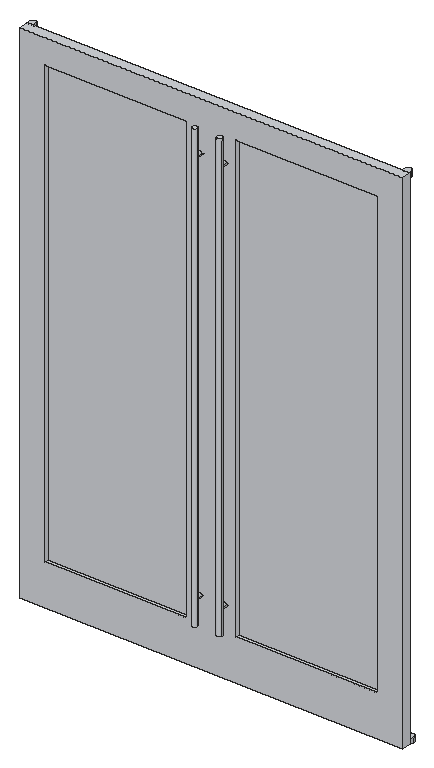
Revit family "DOOR_Double Glass_Stile & Rail_Curtain Wall", category Doors, Revit 2024
Family settings
  Always vertical = Yes
  Cut with Voids When Loaded = No
  Shared = No
  Room Calculation Point = No
Parameters (values of type "Default - Exterior")
  t = 28.575 mm
  o = polr + t  # 49.213 mm
  co reduction [instance] = Offset_CL Pull to CL Panel + Radius_Pull + o + polr  # 145.85 mm
  Wall Thickness [instance] = 150 mm
  Vertical Pull = yes
  Thickness = 45 mm
  Stile Width = 150 mm
  Panic Device = no
  Thickness\u001f_Panel = 12.5 mm
  Rail Material [instance] = none
  Radius_Pull = 16 mm
  Pull Material [instance] = none
  polr = 20.638 mm
  pofb = 19.05 mm
  Pivot Material [instance] = none
  Offset_OSF Door to Wall CL [instance] = 30 mm
  Offset_FF to Top of Pull [instance] = Door Height - Stile Width  # 2948.8 mm
  Offset_FF to Bottom of Panic Pull = 1050 mm
  Offset_FF to Bottom Of Pull = 250 mm
  Offset_CL Pull to Edge of Panel = 75 mm
  Offset_CL Pull to CL Panel = 60 mm
  Offset_CL Mount to End of Pull = 150 mm
  Length_Handle [instance] = Offset_FF to Top of Pull - Offset_FF to Bottom Of Pull  # 2698.8 mm
  Panel Material [instance] = none
  Function = Exterior
  EA_Repath [instance] = 0 mm
  Double Swing Option - Right Door [instance] = yes
  Double Swing Option - Left Right [instance] = yes
  Double ADA Clearance Lines [instance] = yes
  Door Height [instance] = 3098.8 mm
  Define Thermal Properties by = Schematic Type
  Backset [instance] = 0 mm
  Assembly Code = "B2030100"
  Analytic Construction = "<None>"
  Single ADA Clearance Lines [instance] = yes
Types (2, lengths in mm): name | Wall Thickness | Function
  Default - Exterior | 150 | Exterior
  Default - Interior | 200 | Interior
Reference planes
  plane 1 "Wall Centerline": y = -0.084
  plane 2: z = 0
  plane 3: x = 446.051
  plane 4: x = -713.291
  plane 5: x = 1605.393
  plane 6: z = 3098.8
  plane 7 "Door Centerline": y = 1.341
  plane 8: z = 250
  plane 9: z = 2948.8
  plane 10: z = 101.6
  plane 11: z = 2948.8
  plane 12 "Clear Opening": x = 1459.543
  plane 13 "OSF Door": y = 29.916
  plane 14: x = -567.441
  plane 15: x = -643.441
  plane 16 "Pivot Axis (Left/Right)": y = 48.966
  plane 17 "Pivot Axis (Front/Back)": x = -692.653
  plane 18: x = 1535.543
  plane 19: x = 1584.755
  plane 20: z = 3067.05
  plane 21 "Backset": y = -0.084
  plane 22 "ISF Door": y = -27.234
  plane 23: x = -620.941
  plane 24: x = 1513.043
  plane 25: x = -665.941
  plane 26: x = 1558.043
  plane 27: x = 1455.393
  plane 28: x = -563.291
  plane 29: x = 596.051
  plane 30: x = 296.051
  plane 31: x = 521.051
  plane 32: x = 371.051
  plane 33: y = 74.916
  plane 34: y = -75.084
Forms (mm)
  Extrusion 1, solid, material <- "Panel Material"
    sketch origin (0, 0, 0) x (1, 0, 0) y (0, 1, 0)
      loop
        line (596.051, 7.591) -> (596.051, -4.909) -> (1455.393, -4.909) -> (1455.393, 7.591) -> (596.051, 7.591)
    from 250 to 2948.8
  Extrusion 2, solid, material <- "Panel Material"
    sketch origin (495.246, 0, 0) x (-1, 0, 0) y (0, -1, 0)
      loop
        line (199.195, -7.591) -> (1058.537, -7.591) -> (1058.537, 4.909) -> (199.195, 4.909) -> (199.195, -7.591)
    from 250 to 2948.8
  Extrusion 3, solid, material <- "Pivot Material"
    sketch origin (-854.071, -206.538, 0) x (0, -1, 0) y (1, 0, 0)
      loop
        line (-234.867, 136.505) -> (-234.867, 193.926) -> (-261.203, 185.671)
        arc (-261.203, 185.671) -> (-280.253, 158.55) -> (-255.505, 136.505) r 24.913
        line (-255.505, 136.505) -> (-234.867, 136.505)
    from 0 to 28.575
  Extrusion 4, solid, material <- "Pivot Material"
    sketch origin (1613.977, -206.538, 0) x (0, -1, 0) y (1, 0, 0)
      loop
        line (-234.867, -4.309) -> (-255.505, -4.309)
        arc (-255.505, -4.309) -> (-280.253, -26.354) -> (-261.203, -53.475) r 24.913
        line (-261.203, -53.475) -> (-234.867, -61.73) -> (-234.867, -4.309)
    from 0 to 28.575
  Extrusion 5, solid, material <- "Pivot Material"
    sketch origin (-854.071, -206.538, 2924.175) x (-1, 0, 0) y (0, -1, 0)
      loop
        line (-136.018, -234.867) -> (-181.226, -234.867) -> (-173.246, -261.203)
        arc (-173.246, -261.203) -> (-152.186, -274.336) -> (-136.018, -255.505) r 19.05
        line (-136.018, -255.505) -> (-136.018, -234.867)
    from 142.875 to 174.625
  Extrusion 6, solid, material <- "Pivot Material"
    sketch origin (1613.977, -206.538, 2924.175) x (-1, 0, 0) y (0, -1, 0)
      loop
        line (16.522, -234.867) -> (16.522, -255.505)
        arc (16.522, -255.505) -> (32.266, -274.266) -> (53.475, -262.016) r 19.05
        line (53.475, -262.016) -> (61.73, -234.867) -> (16.522, -234.867)
    from 142.875 to 174.625
  Extrusion 7, solid
    sketch origin (0, 1.341, 0) x (1, 0, 0) y (0, 0, 1)
      loop
        line (1605.393, 3098.8) -> (-713.291, 3098.8) -> (-713.291, 0) -> (1605.393, 0) -> (1605.393, 3098.8)
      loop
        line (1455.393, 2948.8) -> (596.051, 2948.8) -> (596.051, 250) -> (1455.393, 250) -> (1455.393, 2948.8)
      loop
        line (296.051, 2948.8) -> (-563.291, 2948.8) -> (-563.291, 250) -> (296.051, 250) -> (296.051, 2948.8)
    from -28.575 to 28.575
Lines and regions (mm)
  symbolic lines, style "Elevation Swing"
    curve 1: line (1605.393, 0, 1549.4) -> (446.051, 0, 3098.8)
    curve 9: line (1605.393, 0, 1549.4) -> (446.051, 0, 0)
    curve 10: line (-713.291, 0, 1549.4) -> (446.051, 0, 3098.8)
    curve 11: line (-713.291, 0, 1549.4) -> (446.051, 0, 0)
  symbolic lines, style "Plan Swing"
    curve 2: line (-620.941, 29.916, 0) -> (-665.941, 29.916, 0)
    curve 3: circle (-692.653, 48.966, 0) r 19.05 normal (0, 0, 1)
    curve 4: circle (1584.755, 48.966, 0) r 19.05 normal (0, 0, -1)
    curve 5: line (1584.755, 68.016, 0) -> (1584.755, 29.916, 0)
    curve 6: line (1565.705, 48.966, 0) -> (1603.805, 48.966, 0)
    curve 7: line (-692.653, 68.016, 0) -> (-692.653, 29.916, 0)
    curve 8: line (-711.703, 48.966, 0) -> (-673.603, 48.966, 0)
    curve 12: arc (446.051, 29.916, 0) -> (126.946, 800.303, 0) -> (-643.441, 1119.408, 0) r 1089.492
    curve 17: line (-620.941, 29.916, 0) -> (-665.941, 29.916, 0)
    curve 21: line (-665.941, 179.916, 0) -> (-665.941, 969.408, 0)
    curve 22: line (-620.941, 179.916, 0) -> (-620.941, 969.408, 0)
    curve 23: arc (446.051, 29.916, 0) -> (765.156, 800.303, 0) -> (1535.543, 1119.408, 0) r 1089.492
    curve 32: line (1529.293, 969.408, 0) -> (1529.293, 179.916, 0)
    curve 33: line (1541.793, 969.408, 0) -> (1541.793, 179.916, 0)
    curve 34: line (1513.043, 969.408, 0) -> (1513.043, 179.916, 0)
    curve 35: line (1558.043, 969.408, 0) -> (1558.043, 179.916, 0)
    curve 37: circle (-583.441, 1044.408, 0) r 16 normal (0, 0, 1)
    curve 38: circle (-703.441, 1044.408, 0) r 16 normal (0, 0, -1)
    curve 39: line (-637.191, 179.916, 0) -> (-637.191, 969.408, 0)
    curve 40: line (-649.691, 969.408, 0) -> (-649.691, 179.916, 0)
    curve 41: circle (1595.543, 1044.408, 0) r 16 normal (0, 0, 1)
    curve 42: circle (1475.543, 1044.408, 0) r 16 normal (0, 0, -1)
  symbolic lines, style "DoorsFrameMullionProjection"
    curve 13: line (-665.941, 1119.408, 0) -> (-620.941, 1119.408, 0)
    curve 14: line (-665.941, 969.408, 0) -> (-665.941, 1119.408, 0)
    curve 15: line (-620.941, 969.408, 0) -> (-665.941, 969.408, 0)
    curve 16: line (-620.941, 1119.408, 0) -> (-620.941, 969.408, 0)
    curve 18: line (-665.941, 179.916, 0) -> (-620.941, 179.916, 0)
    curve 19: line (-665.941, 29.916, 0) -> (-665.941, 179.916, 0)
    curve 20: line (-620.941, 179.916, 0) -> (-620.941, 29.916, 0)
    curve 24: line (1513.043, 1119.408, 0) -> (1558.043, 1119.408, 0)
    curve 25: line (1513.043, 969.408, 0) -> (1513.043, 1119.408, 0)
    curve 26: line (1558.043, 969.408, 0) -> (1513.043, 969.408, 0)
    curve 27: line (1558.043, 1119.408, 0) -> (1558.043, 969.408, 0)
    curve 28: line (1513.043, 179.916, 0) -> (1558.043, 179.916, 0)
    curve 29: line (1513.043, 29.916, 0) -> (1513.043, 179.916, 0)
    curve 30: line (1558.043, 29.916, 0) -> (1513.043, 29.916, 0)
    curve 31: line (1558.043, 179.916, 0) -> (1558.043, 29.916, 0)
    curve 36: line (-620.941, 29.916, 0) -> (-665.941, 29.916, 0)
  model lines, style "Doors"
    curve 43: line (443.651, 29.916, 3098.8) -> (443.651, 29.916, 0)
  model lines, style "DoorsPanelProjection"
    curve 44: line (443.651, -27.234, 3098.8) -> (443.651, -27.234, 0)
  symbolic lines, style "ADA Clearance Lines", visible <- "Single ADA Clearance Lines"
    curve 45: line (-620.941, 1598.916, 0) -> (1513.043, 1598.916, 0)
    curve 46: line (-620.941, -1294.284, 0) -> (-620.941, 1598.916, 0)
    curve 47: line (1513.043, -1294.284, 0) -> (-620.941, -1294.284, 0)
    curve 48: line (1513.043, 1598.916, 0) -> (1513.043, -1294.284, 0)
  symbolic lines, style "ADA Clearance Lines", visible <- "Double ADA Clearance Lines"
    curve 49: line (-620.941, 1598.916, 0) -> (1513.043, 1598.916, 0)
    curve 50: line (-620.941, -1599.084, 0) -> (-620.941, 1598.916, 0)
    curve 51: line (1513.043, -1599.084, 0) -> (-620.941, -1599.084, 0)
    curve 52: line (1513.043, 1598.916, 0) -> (1513.043, -1599.084, 0)
  symbolic lines, style "Plan Swing", visible <- "Double Swing Option - Right Door"
    curve 53: line (-620.941, 29.916, 0) -> (-665.941, 29.916, 0)
    curve 54: arc (446.051, 29.916, 0) -> (126.946, -740.471, 0) -> (-643.441, -1059.575, 0) r 1089.492
    curve 59: line (-620.941, 29.916, 0) -> (-665.941, 29.916, 0)
    curve 63: line (-665.941, -122.709, 0) -> (-665.941, -909.575, 0)
    curve 64: line (-620.941, -122.709, 0) -> (-620.941, -909.575, 0)
    curve 66: circle (-583.441, -984.575, 0) r 16 normal (0, 0, -1)
    curve 67: circle (-703.441, -984.575, 0) r 16 normal (0, 0, 1)
    curve 68: line (-637.191, -122.709, 0) -> (-637.191, -909.575, 0)
    curve 69: line (-649.691, -909.575, 0) -> (-649.691, -122.709, 0)
  symbolic lines, style "DoorsFrameMullionProjection", visible <- "Double Swing Option - Right Door"
    curve 55: line (-665.941, -1059.575, 0) -> (-620.941, -1059.575, 0)
    curve 56: line (-665.941, -909.575, 0) -> (-665.941, -1059.575, 0)
    curve 57: line (-620.941, -909.575, 0) -> (-665.941, -909.575, 0)
    curve 58: line (-620.941, -1059.575, 0) -> (-620.941, -909.575, 0)
    curve 60: line (-665.941, -122.709, 0) -> (-620.941, -122.709, 0)
    curve 61: line (-665.941, 29.916, 0) -> (-665.941, -122.709, 0)
    curve 62: line (-620.941, -122.709, 0) -> (-620.941, 29.916, 0)
    curve 65: line (-620.941, 29.916, 0) -> (-665.941, 29.916, 0)
  symbolic lines, style "Plan Swing", visible <- "Double Swing Option - Left Right"
    curve 70: arc (446.051, 29.916, 0) -> (765.156, -740.471, 0) -> (1535.543, -1059.575, 0) r 1089.492
    curve 78: line (1529.293, -909.575, 0) -> (1529.293, -122.709, 0)
    curve 79: line (1541.793, -909.575, 0) -> (1541.793, -122.709, 0)
    curve 80: line (1513.043, -909.575, 0) -> (1513.043, -122.709, 0)
    curve 81: line (1558.043, -909.575, 0) -> (1558.043, -122.709, 0)
    curve 82: circle (1595.543, -984.575, 0) r 16 normal (0, 0, -1)
    curve 83: circle (1475.543, -984.575, 0) r 16 normal (0, 0, 1)
  symbolic lines, style "DoorsFrameMullionProjection", visible <- "Double Swing Option - Left Right"
    curve 71: line (1513.043, -1059.575, 0) -> (1558.043, -1059.575, 0)
    curve 72: line (1513.043, -909.575, 0) -> (1513.043, -1059.575, 0)
    curve 73: line (1558.043, -909.575, 0) -> (1513.043, -909.575, 0)
    curve 74: line (1558.043, -1059.575, 0) -> (1558.043, -909.575, 0)
    curve 75: line (1513.043, -122.709, 0) -> (1558.043, -122.709, 0)
    curve 76: line (1513.043, 29.916, 0) -> (1513.043, -122.709, 0)
    curve 77: line (1558.043, -122.709, 0) -> (1558.043, 29.916, 0)
Text (mm)
  text "Exterior" at (-1298.825, 456.976, 0), in view "Base Line"
Dimensions and locks
  equal spacing: plane 4, plane 3, plane 5
  plane 2 to plane 6 = 3098.8 mm
  "Offset_FF to Bottom Of Pull": plane 8 to plane 2
  locked: plane 10 to plane 2 at 101.6
  "Offset_FF to Top of Pull": plane 11 to plane 2
  equal spacing: Extrusion 1 sketch curve, plane 7 "Door Centerline", Extrusion 1 sketch curve
  "Thickness\u001f_Panel": Extrusion 1 sketch curve to Extrusion 1 sketch curve
  "t": plane 7 "Door Centerline" to plane 13 "OSF Door"
  "Offset_OSF Door to Wall CL": plane 13 "OSF Door" to plane 21 "Backset"
  "Offset_CL Pull to Edge of Panel": plane 3 to nested 1
  "Offset_CL Pull to Edge of Panel": plane 3 to nested 2
  equal spacing: Extrusion 2 sketch curve, plane 7 "Door Centerline", Extrusion 2 sketch curve
  "Thickness\u001f_Panel": Extrusion 2 sketch curve to Extrusion 2 sketch curve
  "Offset_CL Pull to Edge of Panel": plane 3 to nested 3
  "Offset_CL Pull to Edge of Panel": plane 3 to nested 4
  "pofb": plane 16 "Pivot Axis (Left/Right)" to plane 13 "OSF Door"
  "polr": plane 4 to plane 17 "Pivot Axis (Front/Back)"
  "o": plane 17 "Pivot Axis (Front/Back)" to plane 15
  plane 16 "Pivot Axis (Left/Right)" to plane 13 "OSF Door" = 19.05 mm
  "polr": plane 5 to plane 19
  "o": plane 19 to plane 18
  "co reduction": plane 4 to plane 14
  "co reduction": plane 12 "Clear Opening" to plane 5
  locked: plane 20 to plane 6 at 31.75
  equal spacing: plane 2, curve 9, plane 6
  equal spacing: plane 2, curve 11, plane 6
  "Backset": plane 21 "Backset" to plane 1 "Wall Centerline"
  locked: plane 13 "OSF Door" to plane 22 "ISF Door" at 57.15
  "Thickness": plane 25 to plane 23
  equal spacing: plane 25, plane 15, plane 23
  equal spacing: plane 24, plane 18, plane 26
  "Thickness": plane 24 to plane 26
  "Stile Width": plane 9 to plane 6
  "Stile Width": plane 4 to plane 28
  "Stile Width": plane 27 to plane 5
  "Stile Width": plane 3 to plane 30
  "Stile Width": plane 29 to plane 3
  "Offset_CL Pull to Edge of Panel": plane 3 to plane 32
  "Offset_CL Pull to Edge of Panel": plane 31 to plane 3
  "Stile Width": curve 15 to curve 13
  "Stile Width": curve 18 to plane 13 "OSF Door"
  "Thickness\u001f_Panel": curve 40 to curve 39
  equal spacing: curve 40, plane 15, curve 39
  "Offset_CL Pull to Edge of Panel": curve 37 to curve 13
  "Offset_CL Pull to CL Panel": plane 15 to curve 37
  "Offset_CL Pull to Edge of Panel": curve 38 to curve 13
  "Offset_CL Pull to CL Panel": plane 15 to curve 38
  "Stile Width": curve 26 to curve 24
  "Stile Width": curve 28 to plane 13 "OSF Door"
  "Thickness\u001f_Panel": curve 32 to curve 33
  equal spacing: curve 32, plane 18, curve 33
  "Offset_CL Pull to CL Panel": plane 18 to curve 41
  "Offset_CL Pull to CL Panel": curve 42 to plane 18
  "Offset_CL Pull to Edge of Panel": curve 41 to curve 24
  "Offset_CL Pull to Edge of Panel": curve 42 to curve 24
  plane 23 to plane 24 = 2133.983 mm
  "Door Height": plane 2 to plane 6
  equal spacing: plane 33, plane 21 "Backset", plane 34
  "Wall Thickness": plane 34 to plane 33
  curve 47 to plane 34 = 1219.2 mm
  curve 45 to plane 33 = 1524 mm
  curve 49 to plane 33 = 1524 mm
  curve 51 to plane 34 = 1524 mm
  "Stile Width": curve 57 to curve 55
  "Thickness\u001f_Panel": curve 69 to curve 68
  equal spacing: curve 69, plane 15, curve 68
  "Offset_CL Pull to Edge of Panel": curve 66 to curve 55
  "Offset_CL Pull to CL Panel": plane 15 to curve 66
  "Offset_CL Pull to Edge of Panel": curve 67 to curve 55
  "Offset_CL Pull to CL Panel": plane 15 to curve 67
  "Stile Width": curve 73 to curve 71
  "Thickness\u001f_Panel": curve 78 to curve 79
  equal spacing: curve 78, plane 18, curve 79
  "Offset_CL Pull to CL Panel": plane 18 to curve 82
  "Offset_CL Pull to CL Panel": curve 83 to plane 18
  "Offset_CL Pull to Edge of Panel": curve 82 to curve 71
  "Offset_CL Pull to Edge of Panel": curve 83 to curve 71
  "Radius_Pull": radius of curve 37
  "Radius_Pull": radius of curve 38
  "Radius_Pull": radius of curve 41
  "Radius_Pull": radius of curve 42
  "Radius_Pull": radius of curve 66
  "Radius_Pull": radius of curve 67
  "Radius_Pull": radius of curve 82
  "Radius_Pull": radius of curve 83
  aligned and locked: level to plane 2
  aligned and locked: plane 7 "Door Centerline" to nested 1
  aligned and locked: plane 7 "Door Centerline" to nested 2
  aligned and locked: nested 4 to plane 7 "Door Centerline"
  aligned and locked: nested 3 to plane 7 "Door Centerline"
  aligned and locked: Extrusion 6 to plane 20
  aligned and locked: Extrusion 5 to plane 20
  aligned and locked: plane 6 to Extrusion 6
  aligned and locked: Extrusion 5 to plane 6
  aligned and locked: plane 6 to curve 1
  aligned and locked: plane 2 to Extrusion 7 sketch curve
  aligned and locked: Extrusion 7 sketch curve to plane 6
  aligned and locked: Extrusion 7 sketch curve to plane 4
  aligned and locked: plane 5 to Extrusion 7 sketch curve
  aligned and locked: Extrusion 7 sketch curve to plane 8  (x2)
  aligned and locked: plane 30 to Extrusion 7 sketch curve
  aligned and locked: Extrusion 7 sketch curve to plane 29
  aligned and locked: plane 27 to Extrusion 7 sketch curve
  aligned and locked: Extrusion 7 sketch curve to plane 28
  aligned and locked: plane 9 to Extrusion 7 sketch curve  (x2)
  aligned and locked: plane 13 "OSF Door" to Extrusion 7
  aligned and locked: Extrusion 7 to plane 22 "ISF Door"
  aligned and locked: Extrusion 1 to Extrusion 7
  aligned and locked: Extrusion 2 to Extrusion 7
  aligned and locked: plane 8 to Extrusion 1
  aligned and locked: plane 8 to Extrusion 2
  aligned and locked: Extrusion 1 to plane 9
  aligned and locked: Extrusion 2 to plane 9
  aligned and locked: plane 15 to curve 12
  aligned and locked: plane 13 "OSF Door" to curve 23
  aligned and locked: plane 18 to curve 23
  aligned and locked: curve 31 to plane 26
  aligned and locked: plane 24 to curve 29
  aligned and locked: plane 13 "OSF Door" to curve 30
  aligned and locked: curve 43 to Extrusion 7
  aligned and locked: plane 2 to curve 43
  aligned and locked: plane 6 to curve 44
  aligned and locked: plane 2 to curve 44
  aligned and locked: curve 50 to plane 23
  aligned and locked: curve 52 to plane 24
  aligned and locked: curve 54 to plane 15
  aligned and locked: plane 18 to curve 70
Automatic sketch dimensions
  curve 11 to level = 0 mm
  plane 4 to curve 11 = 0 mm
  curve 9 to plane 3 = 0 mm
  curve 1 to plane 3 = 0 mm
  plane 5 to curve 9 = 0 mm
  Extrusion 1 sketch curve to plane 29 = 0 mm
  Extrusion 1 sketch curve to plane 27 = 0 mm
  curve 8 to plane 16 "Pivot Axis (Left/Right)" = 0 mm
  curve 7 to plane 13 "OSF Door" = 0 mm
  curve 7 to plane 17 "Pivot Axis (Front/Back)" = 0 mm
  curve 3 to plane 16 "Pivot Axis (Left/Right)" = 0 mm
  curve 3 to plane 17 "Pivot Axis (Front/Back)" = 0 mm
  curve 2 to plane 13 "OSF Door" = 0 mm
  curve 2 to plane 25 = 0 mm
  curve 18 to plane 23 = 0 mm
  curve 12 to plane 3 = 0 mm
  curve 70 to plane 3 = 0 mm
  plane 16 "Pivot Axis (Left/Right)" to curve 6 = 0 mm
  curve 5 to plane 19 = 0 mm
  plane 16 "Pivot Axis (Left/Right)" to curve 4 = 0 mm
  curve 4 to plane 19 = 0 mm
  curve 5 to plane 13 "OSF Door" = 0 mm
  plane 34 to curve 81 = 47.625 mm
  plane 34 to curve 64 = 47.625 mm
  Extrusion 2 sketch curve to plane 30 = 0 mm
  Extrusion 2 sketch curve to plane 28 = 0 mm
  Extrusion 3 sketch curve to plane 16 "Pivot Axis (Left/Right)" = 0 mm
  Extrusion 3 sketch curve to plane 17 "Pivot Axis (Front/Back)" = 0 mm
  Extrusion 3 sketch curve to plane 25 = 2.46 mm
  plane 16 "Pivot Axis (Left/Right)" to Extrusion 3 sketch curve = 5.698 mm
  Extrusion 3 sketch curve to plane 13 "OSF Door" = 1.588 mm
  plane 25 to Extrusion 3 sketch curve = 5.796 mm
  plane 16 "Pivot Axis (Left/Right)" to Extrusion 4 sketch curve = 0 mm
  Extrusion 4 sketch curve to plane 19 = 0 mm
  Extrusion 4 sketch curve to plane 26 = 2.46 mm
  Extrusion 4 sketch curve to plane 16 "Pivot Axis (Left/Right)" = 5.698 mm
  plane 13 "OSF Door" to Extrusion 4 sketch curve = 1.588 mm
  plane 26 to Extrusion 4 sketch curve = 5.796 mm
  Extrusion 5 sketch curve to plane 16 "Pivot Axis (Left/Right)" = 0 mm
  Extrusion 5 sketch curve to plane 13 "OSF Door" = 1.588 mm
  Extrusion 5 sketch curve to plane 25 = 6.904 mm
  plane 17 "Pivot Axis (Front/Back)" to Extrusion 5 sketch curve = 11.828 mm
  Extrusion 5 sketch curve to plane 4 = 14.287 mm
  plane 4 to Extrusion 5 sketch curve = 4.763 mm
  plane 16 "Pivot Axis (Left/Right)" to Extrusion 6 sketch curve = 0 mm
  Extrusion 6 sketch curve to plane 13 "OSF Door" = 1.588 mm
  plane 5 to Extrusion 6 sketch curve = 7.938 mm
  plane 19 to Extrusion 6 sketch curve = 6.35 mm
  plane 26 to Extrusion 6 sketch curve = 2.46 mm
  Extrusion 6 sketch curve to plane 26 = 5.796 mm
  curve 44 to Extrusion 7 = 152.4 mm
  Extrusion 7 to curve 43 = 152.4 mm
Nested families
  nested 1: "Vertical Straight Pull" at (521.051, 1.341, 0), visible <- "Vertical Pull", type "Default"
    with Radius_Pull 16 mm, Offset_FF to Top of Pull 2948.8 mm, Offset_FF to Bottom of Pull 250 mm, Offset_CL Pull to CL Panel 60 mm, Offset_CL Mount to End of Pull 150 mm
  nested 2: "Panic Device" at (653.037, 1.341, 0), visible <- "Panic Device", type "Default"
  nested 3: "Vertical Straight Pull" at (371.051, 1.341, 0) x (-1, 0, 0) z (0, 0, 1), visible <- "Vertical Pull", type "Default"
    with Radius_Pull 16 mm, Offset_FF to Top of Pull 2948.8 mm, Offset_FF to Bottom of Pull 250 mm, Offset_CL Pull to CL Panel 60 mm, Offset_CL Mount to End of Pull 150 mm
  nested 4: "Panic Device" at (239.065, 1.341, 0) x (-1, 0, 0) z (0, 0, 1), visible <- "Panic Device", type "Default"
Definition of nested family "Vertical Straight Pull"
  Parameters
    Radius_Pull = 15.875 mm
    Pull = none
    Offset_FF to Top of Pull = 1219.2 mm
    Offset_FF to Bottom of Pull = 304.8 mm
    Offset_CL Mount to End of Pull = 304.8 mm
    Offset_CL Pull to CL Panel = 76.2 mm
    Default Elevation = 0 mm
    Assembly Code = ""
  Reference planes
    plane 1 "Center (Front/Back)": y = 0
    plane 2: z = 0
    plane 3 "Center (Left/Right)": x = 0
    plane 4: y = 76.2
    plane 5: y = -76.2
    plane 6: z = 609.6
    plane 7: z = 914.4
    plane 8: z = 1219.2
    plane 9: z = 304.8
  Forms (mm)
    Extrusion 1, solid, material <- "Pull"
      sketch origin (0, 0, 0) x (1, 0, 0) y (0, 1, 0)
        loop
          circle (0, 76.2) r 15.875
        loop
          circle (0, -76.2) r 15.875
      from 304.8 to 1219.2
    Extrusion 2, solid
      sketch origin (0, 0, 0) x (1, 0, 0) y (0, 0, 1)
        loop
          circle (0, 914.4) r 15.875
        loop
          circle (0, 609.6) r 15.875
      from -76.2 to 76.2
  Dimensions and locks
    "Offset_CL Mount to End of Pull": plane 8 to plane 7
    "Offset_CL Mount to End of Pull": plane 6 to plane 9
    "Offset_FF to Bottom of Pull": plane 9 to plane 2
    "Offset_FF to Top of Pull": plane 8 to plane 2
    "Offset_CL Pull to CL Panel": plane 4 to plane 1 "Center (Front/Back)"
    "Offset_CL Pull to CL Panel": plane 5 to plane 1 "Center (Front/Back)"
    "Offset_CL Pull to CL Panel": plane 1 "Center (Front/Back)" to Extrusion 2
    "Offset_CL Pull to CL Panel": Extrusion 2 to plane 1 "Center (Front/Back)"
    "Radius_Pull": radius of Extrusion 1 sketch curve  (x2)
    "Radius_Pull": radius of Extrusion 2 sketch curve  (x2)
    aligned and locked: plane 8 to Extrusion 1
    aligned and locked: Extrusion 1 to plane 9
  Automatic sketch dimensions
    Extrusion 1 sketch curve to plane 3 "Center (Left/Right)" = 0 mm  (x2)
    Extrusion 1 sketch curve to plane 5 = 0 mm
    Extrusion 1 sketch curve to plane 4 = 0 mm
    Extrusion 2 sketch curve to plane 3 "Center (Left/Right)" = 0 mm  (x2)
    Extrusion 2 sketch curve to plane 6 = 0 mm
    Extrusion 2 sketch curve to plane 7 = 0 mm
Definition of nested family "Panic Device"
  Parameters
    Radius_Pull = 19.05 mm
    Pull = none
    Offset_FF to Top of Pull = 2413 mm
    Offset_FF to Bottom of Vertical Pull = 25.4 mm
    Offset_FF to Bottom of Panic Pull = 1066.8 mm
    Offset_CL Pull to CL Panel = 69.85 mm
    Offset_CL Mount to End of Pull = 152.4 mm
    Default Elevation = 0 mm
    Assembly Code = ""
  Reference planes
    plane 1 "Center (Front/Back)": y = 0
    plane 2: z = 0
    plane 3 "Center (Left/Right)": x = -131.986
    plane 4: z = 177.8
    plane 5: z = 2260.6
    plane 6: z = 2413
    plane 7: x = 579.214
    plane 8: x = 604.614
    plane 9: x = 579.214
    plane 10: z = 25.4
    plane 11: z = 1066.8
  Forms (mm)
    Extrusion 1, solid, material <- "Pull"
      sketch origin (0, 0, 0) x (1, 0, 0) y (0, 0, 1)
        loop
          circle (-131.986, 2260.6) r 19.05
      from -69.85 to 69.85
    Sweep 2, solid, material <- "Pull"
      path origin (0, 0, 0) x (1, 0, 0) y (0, 0, 1)
        loop
          line (-131.986, 2413) -> (-131.986, 1168.4)
          arc (-131.986, 1168.4) -> (-102.228, 1096.558) -> (-30.386, 1066.8) r 101.6
          line (-30.386, 1066.8) -> (477.614, 1066.8)
      profile origin (-131.986, 0, 1790.7) x (0, -1, 0) y (1, 0, 0)
        loop
          circle (69.85, 0) r 19.05
    Sweep 3, solid, material <- "Pull"
      path origin (0, 0, 0) x (1, 0, 0) y (0, 1, 0)
        loop
          line (483.964, -69.85) -> (509.364, -69.85)
          arc (509.364, -69.85) -> (558.755, -49.391) -> (579.214, 0) r 69.85
          line (579.214, 0) -> (579.214, 19.05)
      profile origin (496.664, -69.85, 0) x (0, 1, 0) y (0, 0, 1)
        loop
          circle (0, 1066.8) r 19.05
    Extrusion 4, solid, material <- "Pull"
      sketch origin (0, 0, 0) x (1, 0, 0) y (0, 1, 0)
        loop
          circle (-131.986, 69.85) r 19.05
      from 25.4 to 2413
    Extrusion 5, solid, material <- "Pull"
      sketch origin (0, 0, 0) x (1, 0, 0) y (0, 0, 1)
        loop
          circle (-131.986, 177.8) r 15.875
      from -69.85 to 0
  Dimensions and locks
    "Offset_CL Mount to End of Pull": plane 6 to plane 5
    "Offset_FF to Top of Pull": plane 6 to plane 2
    "Offset_CL Pull to CL Panel": Extrusion 1 to plane 1 "Center (Front/Back)"
    "Offset_CL Pull to CL Panel": Sweep 2 sketch curve to profile plane
    "Offset_CL Pull to CL Panel": plane 1 "Center (Front/Back)" to Extrusion 4 sketch curve
    "Offset_CL Pull to CL Panel": plane 1 "Center (Front/Back)" to Extrusion 1
    "Offset_FF to Bottom of Vertical Pull": plane 2 to plane 10
    "Offset_CL Mount to End of Pull": plane 4 to plane 10
    "Offset_FF to Bottom of Panic Pull": plane 11 to plane 2
    Sweep 3 sketch curve to plane 11 = 0 mm
    "Radius_Pull": radius of Extrusion 1 sketch curve
    "Radius_Pull": radius of Sweep 2 sketch curve
    "Offset_CL Pull to CL Panel": radius of Sweep 3 sketch curve
    "Radius_Pull": radius of Sweep 3 sketch curve
    "Radius_Pull": radius of Extrusion 4 sketch curve
    aligned and locked: plane 7 to Sweep 3 sketch curve
    aligned and locked: plane 6 to Extrusion 4
    aligned and locked: Extrusion 4 to plane 10
    aligned and locked: Sweep 2 sketch curve to plane 11
    aligned and locked: level to plane 2
    aligned: Sweep 2 to Sweep 3
    aligned and locked: plane 1 "Center (Front/Back)" to Extrusion 5
    aligned and locked: Extrusion 1 to Extrusion 5
  Automatic sketch dimensions
    Extrusion 1 sketch curve to plane 3 "Center (Left/Right)" = 0 mm
    Extrusion 1 sketch curve to plane 5 = 0 mm
    Sweep 2 sketch curve to profile plane = 0 mm
    Sweep 3 sketch curve to profile plane = 0 mm
    Sweep 3 sketch curve to plane 1 "Center (Front/Back)" = 0 mm
    Sweep 3 sketch curve to Sweep 3 sketch curve = 25.4 mm
    Sweep 3 sketch curve to Sweep 3 sketch curve = 19.05 mm
    Extrusion 4 sketch curve to plane 3 "Center (Left/Right)" = 0 mm
    Sweep 2 sketch curve to plane 3 "Center (Left/Right)" = 0 mm
    Sweep 2 sketch curve to plane 6 = 0 mm
    plane 3 "Center (Left/Right)" to Sweep 2 sketch curve = 101.6 mm
    Sweep 2 sketch curve to plane 9 = 101.6 mm
    Extrusion 5 sketch curve to plane 3 "Center (Left/Right)" = 0 mm
    Extrusion 5 sketch curve to plane 4 = 0 mm
    radius of Extrusion 5 sketch curve = 15.875 mm
